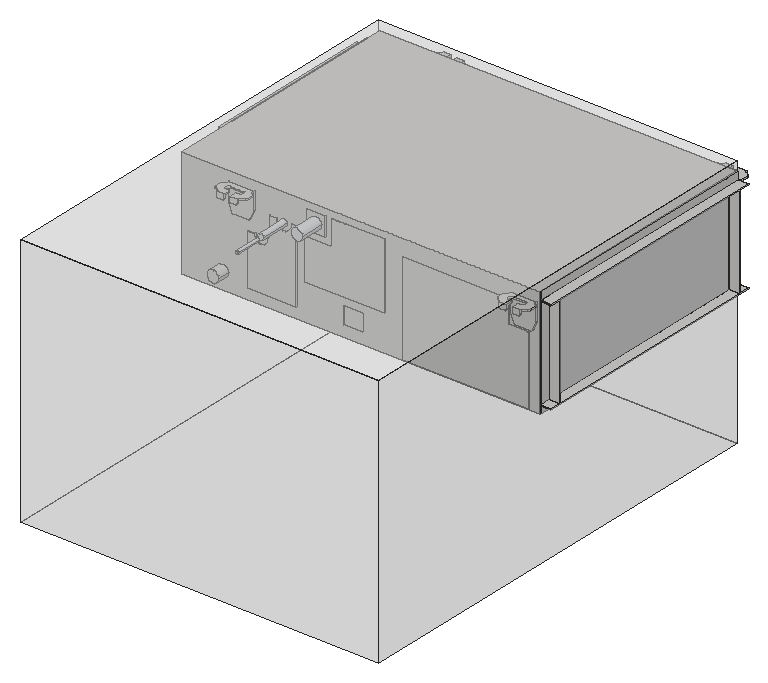
Revit family "outputfile", category 機械設備, Revit 2024
Family settings
  丸型コネクタ寸法 = 半径を使用
  パーツ タイプ = 標準
  OmniClass 番号 = 23.75.10.24.21.27.27
  OmniClass タイトル = Split System Air Conditioning Units
  作業面ベース = いいえ
  常に垂直 = はい
  ロード時にボイドで切り取り = いいえ
  注釈の向きを維持 = いいえ
  共有 = いいえ
  部屋計算ポイント = はい
Parameters (values of type "FXSQ25PAVE")
  Description = ""
  製造元 = "Daikin"
  書き出し IFC クラス(タイプ) = "IfcUnitaryEquipmentType"
  定義済み IFC タイプ(タイプ) = "AIRCONDITIONINGUNIT"
  Cost = 0
  モデル = "FXSQ25PAVE"
  Type Comments = ""
  Keynote = ""
  Type Image = (empty or 0)
  Assembly Code = ""
  r_Liquid Pipe Size = Liquid Pipe Size / 2  # 3.2 mm
  r_Gas Pipe Size = Gas Pipe Size / 2  # 6.35 mm
  r_Drain Pipe Size = Drain Pipe Size / 2  # 12.5 mm
  lw_power = 770.0 mm  # constant formula
  lh_SA = 138.0 mm  # constant formula
  lw_SA = if(Depth = 550.0 mm, 225.0 mm, if(Depth = 700.0 mm, 300.0 mm, if(Depth = 1000.0 mm, 450.0 mm, if(Depth = 1400.0 mm, 650.0 mm, 725.0 mm))))  # 225.0 mm
  lw_RA = if(Depth = 550.0 mm, 275.0 mm, if(Depth = 700.0 mm, 349.0 mm, if(Depth = 1000.0 mm, 499.0 mm, if(Depth = 1400.0 mm, 699.0 mm, 775.0 mm))))  # 275.0 mm
  lh_power = 60.0 mm + [h***]  # 60.0 mm
  lh_mountinghole1 = lh_mountinghole + [h***]  # 222.0 mm
  lh_RA = 123.0 mm  # constant formula
  ld_power = Depth / 2  # 275.0 mm
  Voltage_comment_60Hz = "220"
  Voltage_comment_50Hz = "220-240"
  Voltage_60Hz = 220 V
  Voltage_50Hz = 220 V
  URL = ""
  Supply Air Direction [instance] = yes
  Sound Power Level_H speed (dB) = 61
  Phase_60Hz = 1
  Phase_50Hz = 1
  Minimum External Static Pressure = 30.00 Pa
  Minimum Circuit Amps_60Hz = 0.8 A
  Minimum Circuit Amps_50Hz = 0.8 A
  Maximum Fuse Amps_60Hz = 16.0 A
  Maximum Fuse Amps_50Hz = 16.0 A
  Maximum External Static Pressure = 150.00 Pa
  Material_Casing = DAIKIN_GalvanizedSteel_Casing_indoorunit
  lw_mountinghole = 630.0 mm  # constant formula
  lh_gaspipe = 183.0 mm + [h***]  # 183.0 mm
  lh_mountinghole = 222.0 mm  # constant formula
  lh_liquidpipe = 136.0 mm + [h***]  # 136.0 mm
  lh_drainpipe = 207.0 mm + [h***]  # 207.0 mm
  lh_antena = Height - lh_mountinghole + 1.0 mm  # 24.0 mm
  ld_drainpipe = Depth / 2 + 53.0 mm  # 328.0 mm
  ld_liquidpipe = Depth / 2 + 69.0 mm  # 344.0 mm
  ld_gaspipe = Depth / 2 + 65.0 mm  # 340.0 mm
  ld_mountinghole = Depth + 38.0 mm  # 588.0 mm
  h*** = 0.0 mm  # constant formula
  lw_liquidpipe = 179.0 mm  # constant formula
  lw_gaspipe = 229.0 mm  # constant formula
  lw_drainpipe = 300.0 mm  # constant formula
  Width = 800.0 mm
  Version = "ver.1.0"
  Unit Type = "Middle Static Pressure Duct Type"
  Unit Mass Weight = 25.00 kg
  Unit Designation [instance] = ""
  Uniclass2015Version = "Products v1.30"
  Uniclass2015Title = "Variable refrigerant flow units"
  Uniclass2015Code = "Pr_70_65_03_94"
  Total Heating Capacity [instance] = 0.000 kW
  Total Cooling Capacity [instance] = 0.000 kW
  Sound Pressure Level_M speed (dBA) = 0
  Sound Pressure Level_L speed (dBA) = 28
  Sound Pressure Level_H speed (dBA) = 33
  Series = "VRV Fan Coil Unit"
  Sensible Cooling Capacity [instance] = 0.000 kW
  SA Duct Size Width = if(Depth = 550.0 mm, 337.0 mm, if(Depth = 700.0 mm, 492.0 mm, if(Depth = 1000.0 mm, 792.0 mm, if(Depth = 1400.0 mm, 1192.0 mm, 1337.0 mm))))  # 337.0 mm
  SA Duct Size Height = 176.0 mm
  Refrigerant Type = "R410A"
  RA Duct Size Width = if(Depth = 550.0 mm, 502.0 mm, if(Depth = 700.0 mm, 654.0 mm, if(Depth = 1000.0 mm, 952.0 mm, if(Depth = 1400.0 mm, 1352.0 mm, 1502.0 mm))))  # 502.0 mm
  RA Duct Size Height = 208.0 mm
  Power Input (Heating) = 0.099 kW
  Power Input (Cooling) = 0.104 kW
  Option Accessory 3 [instance] = ""
  Option Accessory 2 [instance] = ""
  Option Accessory 1 [instance] = ""
  Nominal Heating Capacity = 3.200 kW
  Nominal Cooling Capacity = 2.800 kW
  Minimum Airflow = 390.00 m³/h
  Median Airflow = 450.00 m³/h
  Maximum Airflow = 540.00 m³/h
  Load Classification = HVAC
  Liquid Pipe Size = 6.4 mm
  Link_Nested Family [instance] = ""
  IfcVersion = "0"
  IfcExportType = "AIRCONDITIONINGUNIT"
  IfcExportAs = "IfcUnitaryEquipmentType"
  Height = 245.0 mm
  Heating Entering Wet Bulb Temperature [instance] = 0.00 °C
  Heating Entering Dry Bulb Temperature [instance] = 0.00 °C
  Heating Ambient Wet Bulb Temperature [instance] = 0.00 °C
  Heating Ambient Dry Bulb Temperature [instance] = 0.00 °C
  Heat Exchanger Type = "Cross Fin Coil"
  Gas Pipe Size = 12.7 mm
  Frequency_60Hz = 60 Hz
  Frequency_50Hz = 50 Hz
  Fan Type = "Sirocco Fan"
  Fan Drive = "Direct Drive"
  FCU Tag No. [instance] = ""
  Drain Pipe Size = 25.0 mm
  Design Supply Airflow [instance] = 0.00 m³/h
  Design Return Airflow [instance] = 0.00 m³/h
  Design External Static Pressure [instance] = 0.00 Pa
  Depth = 550.0 mm
  既定の高さ = 0.0 mm
  Cooling Entering Wet Bulb Temperature [instance] = 0.00 °C
  Cooling Entering Dry Bulb Temperature [instance] = 0.00 °C
  Cooling Ambient Wet Bulb Temperature [instance] = 0.00 °C
  Cooling Ambient Dry Bulb Temperature [instance] = 0.00 °C
  Clearance visibility [instance] = yes
  Clearance Top = 20.0 mm
  Clearance Right = 0.0 mm
  Clearance Rear = 0.0 mm
  Clearance Left = 0.0 mm
  Clearance Front = 450.0 mm
  Clearance Bottom = 300.0 mm
Reference planes
  plane 1 "Center (Front/Back)": y = 0
  plane 2 "h": z = 0
  plane 3 "Center (Left/Right)": x = 0
  plane 4 "Back": y = 275
  plane 5 "Front": y = -275
  plane 6 "Left": x = -400
  plane 7 "Reight": x = 400
  plane 8 "Top": z = 0
  plane 9 "Bottom": z = -245
  plane 10: y = -215
  plane 11: y = 275
  plane 12: y = -725
  plane 13: x = -400
  plane 14: x = 400
  plane 15: z = 20
  plane 16: z = -545
  plane 17: x = -400
  plane 18: x = -399
  plane 19: x = 399
  plane 20: y = 50
  plane 21: y = 0
  plane 22: z = -122
  plane 23: y = -276
  plane 24: z = -109
  plane 25: x = -221
  plane 26: y = -340
  plane 27: z = -62
  plane 28: x = -171
  plane 29: y = -328
  plane 30: z = -38
  plane 31: x = -100
  plane 32: x = -100
  plane 33: x = -221
  plane 34: x = -171
  plane 35: x = 370
  plane 36: x = -266
  plane 37: x = 364
  plane 38: y = -294
  plane 39: y = 294
  plane 40: z = -23
  plane 41: z = -107
  plane 42: y = -344
  plane 43: z = -207
  plane 44: x = -309
  plane 45: y = -301
  plane 46: x = -251
  plane 47: x = -203
  plane 48: x = -144
  plane 49: z = -59
  plane 50: z = -106
  plane 51: z = -221
  plane 52: z = -109
  plane 53: x = -221
  plane 54: z = -62
  plane 55: x = -171
  plane 56: z = -17
  plane 57: z = -59
  plane 58: x = -121
  plane 59: x = -79
  plane 60: x = -125
  plane 61: x = -64
  plane 62: x = 53
  plane 63: z = -164
  plane 64: z = -73
  plane 65: z = -16
  plane 66: x = 93.5
  plane 67: x = 374.5
  plane 68: x = 330
  plane 69: z = -88.5
  plane 70: z = -38
  plane 71: z = -242.5
  plane 72: x = -38.5
  plane 73: x = 6.5
  plane 74: z = -181
  plane 75: z = -221
  plane 76: y = -274
  plane 77: x = -424
  plane 78: x = 424
Forms (mm)
  Extrusion 1, solid, material "DAIKIN_GalvanizedSteel_Casing_indoorunit" <- "Material_Casing"
    sketch origin (0, 0, 0) x (1, 0, 0) y (0, 1, 0)
      loop
        line (-399, 275) -> (-399, -275) -> (399, -275) -> (399, 275) -> (-399, 275)
    from -245 to 0
  Extrusion 2, solid, material "DAIKIN_GalvanizedSteel_Casing_indoorunit" <- "Material_Casing"
    sketch origin (0, 0, 0) x (1, 0, 0) y (0, 0, 1)
      loop
        line (-251, -221) -> (-144, -221) -> (-144, -59) -> (-154.47, -59)
        arc (-154.47, -59) -> (-171, -78.8) -> (-187.53, -59) r 16.8
        line (-187.53, -59) -> (-203, -59) -> (-203, -106) -> (-206.916, -106)
        arc (-206.916, -106) -> (-221, -123.4) -> (-235.084, -106) r 14.4
        line (-235.084, -106) -> (-251, -106) -> (-251, -221)
    from 275 to 276
  Extrusion 3, solid, material "DAIKIN_GalvanizedSteel_Casing_indoorunit" <- "Material_Casing"
    sketch origin (0, 0, 0) x (1, 0, 0) y (0, 0, 1)
      loop
        line (-121, -17) -> (-121, -59) -> (-79, -59) -> (-79, -17) -> (-121, -17)
      loop
        line (-125, -73) -> (-125, -164) -> (53, -164) -> (53, -16) -> (-64, -16) -> (-64, -73) -> (-125, -73)
    from 275 to 276
  Extrusion 4, solid, material "DAIKIN_GalvanizedSteel_Casing_indoorunit" <- "Material_Casing"
    sketch origin (0, 0, 0) x (1, 0, 0) y (0, 0, 1)
      loop
        line (93.5, -38) -> (93.5, -242.5) -> (374.5, -242.5) -> (374.5, -88.5) -> (330, -88.5) -> (330, -38) -> (93.5, -38)
    from 275 to 276
  Extrusion 5, solid
    sketch origin (0, 0, 0) x (1, 0, 0) y (0, 0, 1)
      loop
        circle (-221, -109) r 3.2
    from 275 to 344
  Extrusion 6, solid
    sketch origin (0, 0, 0) x (1, 0, 0) y (0, 0, 1)
      loop
        circle (-171, -62) r 6.35
    from 275 to 340
  Extrusion 7, solid
    sketch origin (0, 0, 0) x (1, 0, 0) y (0, 0, 1)
      loop
        circle (-100, -38) r 12.5
    from 276 to 328
  Extrusion 8, solid, material "DAIKIN_GalvanizedSteel_Casing_indoorunit" <- "Material_Casing"
    sketch origin (0, 0, 0) x (1, 0, 0) y (0, 0, 1)
      loop
        circle (-309, -207) r 13
    from 275 to 301
  Extrusion 9, void
    sketch origin (0, 0, 0) x (1, 0, 0) y (0, 0, 1)
      loop
        line (-38.5, -181) -> (-38.5, -221) -> (6.5, -221) -> (6.5, -181) -> (-38.5, -181)
    from 274 to 275
Cuts and joins
  Extrusion 9 cuts Extrusion 1
Dimensions and locks
  "Height": plane 8 "Top" to plane 9 "Bottom"
  equal spacing: plane 4 "Back", plane 1 "Center (Front/Back)", plane 5 "Front"
  "Depth": plane 4 "Back" to plane 5 "Front"
  equal spacing: plane 6 "Left", plane 3 "Center (Left/Right)", plane 7 "Reight"
  "Width": plane 6 "Left" to plane 7 "Reight"
  "Clearance Left": plane 13 to plane 6 "Left"
  "Clearance Right": plane 7 "Reight" to plane 14
  "Clearance Rear": plane 11 to plane 4 "Back"
  "Clearance Front": plane 5 "Front" to plane 12
  "Clearance Top": plane 15 to plane 8 "Top"
  "Clearance Bottom": plane 9 "Bottom" to plane 16
  locked: plane 17 to plane 18 at 1
  locked: plane 19 to plane 14 at 1
  "lw_SA": plane 11 to plane 20
  "lw_RA": plane 21 to plane 5 "Front"
  "lh_RA": plane 22 to plane 9 "Bottom"
  locked: plane 5 "Front" to plane 23 at 1
  "lw_liquidpipe": plane 25 to plane 6 "Left"
  "lh_liquidpipe": plane 24 to plane 9 "Bottom"
  "lh_gaspipe": plane 27 to plane 9 "Bottom"
  "lw_gaspipe": plane 28 to plane 6 "Left"
  "ld_gaspipe": plane 26 to plane 1 "Center (Front/Back)"
  "ld_drainpipe": plane 29 to plane 1 "Center (Front/Back)"
  "lh_drainpipe": plane 30 to plane 9 "Bottom"
  "lw_drainpipe": plane 31 to plane 6 "Left"
  "lw_drainpipe": plane 6 "Left" to plane 32
  "lw_liquidpipe": plane 6 "Left" to plane 33
  "lw_gaspipe": plane 6 "Left" to plane 34
  "lw_power": plane 6 "Left" to plane 35
  locked: plane 17 to plane 36 at 134
  "lw_mountinghole": plane 36 to plane 37
  equal spacing: plane 38, plane 1 "Center (Front/Back)", plane 39
  "ld_mountinghole": plane 39 to plane 38
  "lh_mountinghole": plane 40 to plane 9 "Bottom"
  "lh_SA": plane 41 to plane 9 "Bottom"
  "ld_liquidpipe": plane 21 to plane 42
  locked: plane 44 to plane 6 "Left" at 91
  locked: plane 43 to plane 9 "Bottom" at 38
  locked: plane 5 "Front" to plane 45 at 26
  plane 48 to plane 47 to plane 46 to plane 6 "Left" = 59.0 mm, 48.0 mm, 149.0 mm
  plane 8 "Top" to plane 49 to plane 50 to plane 51 = 59.0 mm locked, 47.0 mm locked, 115.0 mm locked
  plane 55 to plane 53 to plane 6 "Left" = 50.0 mm locked, 179.0 mm locked
  plane 54 to plane 52 to plane 9 "Bottom" = 47.0 mm locked, 136.0 mm locked
  plane 59 to plane 58 to plane 6 "Left" = 42.0 mm locked, 279.0 mm locked
  plane 8 "Top" to plane 56 to plane 57 = 17.0 mm locked, 42.0 mm locked
  plane 62 to plane 61 to plane 60 to plane 6 "Left" = 117.0 mm, 61.0 mm, 275.0 mm
  plane 8 "Top" to plane 65 to plane 64 = 16.0 mm locked, 57.0 mm locked
  locked: plane 65 to plane 63 at 148
  plane 8 "Top" to plane 70 to plane 69 to plane 71 = 38.0 mm locked, 50.5 mm locked, 154.0 mm locked
  plane 67 to plane 68 to plane 66 to plane 6 "Left" = 44.5 mm locked, 236.5 mm locked, 493.5 mm locked
  plane 8 "Top" to plane 74 to plane 75 = 181.0 mm locked, 40.0 mm locked
  plane 73 to plane 72 to plane 6 "Left" = 45.0 mm, 361.5 mm
  locked: plane 76 to plane 5 "Front" at 1
  locked: plane 77 to plane 17 at 24
  locked: plane 14 to plane 78 at 24
  "r_Liquid Pipe Size": radius of Extrusion 5 sketch curve
  "r_Gas Pipe Size": radius of Extrusion 6 sketch curve
  "r_Drain Pipe Size": radius of Extrusion 7 sketch curve
  aligned and locked: level to plane 2 "h"
  aligned and locked: plane 8 "Top" to Extrusion 1
  aligned and locked: Extrusion 1 to plane 9 "Bottom"
  aligned and locked: nested 5 to plane 12
  aligned and locked: plane 13 to nested 5
  aligned and locked: plane 14 to nested 5
  aligned and locked: nested 5 to plane 13
  aligned and locked: plane 11 to nested 5
  aligned and locked: plane 15 to nested 5
  aligned and locked: plane 16 to nested 5
  aligned and locked: plane 5 "Front" to Extrusion 1 sketch curve
  aligned and locked: Extrusion 1 to plane 18
  aligned and locked: plane 19 to Extrusion 1
  aligned and locked: nested 7 to plane 18
  aligned and locked: nested 7 to plane 20
  aligned and locked: plane 19 to nested 8
  aligned and locked: plane 21 to nested 8
  aligned and locked: plane 22 to nested 8
  aligned and locked: Extrusion 2 to plane 23
  aligned and locked: plane 5 "Front" to Extrusion 2
  aligned and locked: Extrusion 3 to plane 23
  aligned and locked: plane 5 "Front" to Extrusion 3
  aligned and locked: plane 5 "Front" to Extrusion 4
  aligned and locked: Extrusion 5 sketch curve to plane 25
  aligned and locked: plane 24 to Extrusion 5 sketch curve
  aligned and locked: plane 5 "Front" to Extrusion 5
  aligned and locked: Extrusion 6 sketch curve to plane 28
  aligned and locked: plane 27 to Extrusion 6 sketch curve
  aligned and locked: plane 5 "Front" to Extrusion 6
  aligned and locked: Extrusion 7 sketch curve to plane 31
  aligned and locked: Extrusion 7 sketch curve to plane 30
  aligned and locked: Extrusion 7 to plane 29
  aligned and locked: plane 23 to Extrusion 7
  aligned and locked: nested 3 to plane 29
  aligned and locked: plane 32 to nested 3
  aligned and locked: nested 2 to plane 33
  aligned and locked: nested 1 to plane 34
  aligned and locked: Extrusion 6 to plane 26
  aligned and locked: nested 1 to plane 26
  aligned and locked: nested 6 to plane 5 "Front"
  aligned and locked: plane 35 to nested 6
  aligned and locked: plane 36 to nested 10
  aligned and locked: nested 10 to plane 5 "Front"
  aligned and locked: plane 37 to nested 9
  aligned and locked: nested 9 to plane 5 "Front"
  aligned and locked: nested 11 to plane 36
  aligned and locked: plane 4 "Back" to nested 11
  aligned and locked: nested 12 to plane 37
  aligned and locked: plane 4 "Back" to nested 12
  aligned and locked: plane 40 to nested 10
  aligned and locked: plane 40 to nested 11
  aligned and locked: plane 40 to nested 9
  aligned and locked: plane 40 to nested 12
  aligned and locked: plane 36 to nested 14
  aligned and locked: nested 14 to plane 39
  aligned and locked: plane 37 to nested 13
  aligned and locked: nested 13 to plane 39
  aligned and locked: plane 37 to nested 16
  aligned and locked: plane 38 to nested 16
  aligned and locked: plane 38 to nested 15
  aligned and locked: plane 36 to nested 15
  aligned and locked: plane 17 to plane 6 "Left"
  aligned and locked: plane 41 to nested 7
  aligned and locked: Extrusion 5 to plane 42
  aligned and locked: nested 2 to plane 42
  aligned and locked: Extrusion 8 sketch curve to plane 44
  aligned and locked: plane 43 to Extrusion 8 sketch curve
  aligned and locked: plane 5 "Front" to Extrusion 8
  aligned and locked: plane 45 to Extrusion 8
  aligned and locked: Extrusion 3 sketch curve to plane 56
  aligned and locked: Extrusion 3 sketch curve to plane 58
  aligned and locked: plane 57 to Extrusion 3 sketch curve
  aligned and locked: plane 59 to Extrusion 3 sketch curve
  aligned and locked: Extrusion 4 to plane 23
  aligned and locked: Extrusion 9 sketch curve to plane 74
  aligned and locked: plane 75 to Extrusion 9 sketch curve
  aligned and locked: plane 73 to Extrusion 9 sketch curve
  aligned and locked: plane 5 "Front" to Extrusion 9
  aligned and locked: plane 76 to Extrusion 9
  aligned and locked: nested 17 to plane 20
  aligned and locked: nested 17 to plane 77
  aligned and locked: plane 21 to nested 18
  aligned and locked: plane 78 to nested 18
  aligned and locked: plane 41 to nested 17
  aligned and locked: nested 18 to plane 22
  aligned and locked: nested 4 to plane 3 "Center (Left/Right)"
  aligned and locked: plane 1 "Center (Front/Back)" to nested 4
  aligned and locked: level to plane 8 "Top"
Automatic sketch dimensions
  plane 6 "Left" to Extrusion 1 sketch curve = 1.0 mm
  Extrusion 1 sketch curve to plane 7 "Reight" = 1.0 mm
  Extrusion 1 sketch curve to plane 4 "Back" = 0.0 mm
  Extrusion 2 sketch curve to plane 46 = 0.0 mm
  Extrusion 2 sketch curve to plane 33 = 0.0 mm
  Extrusion 2 sketch curve to plane 47 = 0.0 mm
  Extrusion 2 sketch curve to plane 34 = 0.0 mm
  Extrusion 2 sketch curve to plane 48 = 0.0 mm
  Extrusion 2 sketch curve to plane 51 = 0.0 mm
  Extrusion 2 sketch curve to plane 52 = 0.0 mm
  Extrusion 2 sketch curve to plane 50 = 0.0 mm  (x3)
  Extrusion 2 sketch curve to plane 54 = 0.0 mm
  Extrusion 2 sketch curve to plane 49 = 0.0 mm  (x3)
  plane 33 to Extrusion 2 sketch curve = 14.084 mm
  plane 34 to Extrusion 2 sketch curve = 16.53 mm
  Extrusion 3 sketch curve to plane 60 = 0.0 mm
  Extrusion 3 sketch curve to plane 61 = 0.0 mm
  Extrusion 3 sketch curve to plane 62 = 0.0 mm
  Extrusion 3 sketch curve to plane 63 = 0.0 mm
  Extrusion 3 sketch curve to plane 64 = 0.0 mm
  Extrusion 3 sketch curve to plane 65 = 0.0 mm
  Extrusion 4 sketch curve to plane 66 = 0.0 mm
  Extrusion 4 sketch curve to plane 68 = 0.0 mm
  Extrusion 4 sketch curve to plane 67 = 0.0 mm
  Extrusion 4 sketch curve to plane 71 = 0.0 mm
  Extrusion 4 sketch curve to plane 69 = 0.0 mm
  Extrusion 4 sketch curve to plane 70 = 0.0 mm
  Extrusion 9 sketch curve to plane 72 = 0.0 mm
  radius of Extrusion 8 sketch curve = 13.0 mm
Nested families
  nested 1: "daikin_connector_rotate2" at (-171, 0, -62), length <- "ld_gaspipe", built-in parameter 1001364 <- "lh_gaspipe", radius <- "r_Gas Pipe Size", type "daikin_connector_rotate2"
    with radius 6.35 mm, length 340.0 mm, angle_vertical 90.00°
  nested 2: "daikin_connector_rotate2" at (-221, 0, -109), length <- "ld_liquidpipe", built-in parameter 1001364 <- "lh_liquidpipe", radius <- "r_Liquid Pipe Size", type "daikin_connector_rotate2"
    with radius 3.2 mm, length 344.0 mm, angle_vertical 90.00°
  nested 3: "daikin_connector_rotate2" at (-100, 0, -38), length <- "ld_drainpipe", built-in parameter 1001364 <- "lh_drainpipe", radius <- "r_Drain Pipe Size", type "daikin_connector_rotate2"
    with radius 12.5 mm, length 328.0 mm, angle_vertical 90.00°
  nested 4: "daikin_△_symbolicline" at (0, 0, 245) x (0, -1, 0) z (0, 0, 1), built-in parameter 1001364 <- "Height", visible <- "Supply Air Direction", type "daikin_△_symbolicline"
    with length 200.0 mm
  nested 5: "daikin_clearancespace" at (0, -225, -262.381), visible <- "Clearance visibility", show <- "Clearance visibility", Link_Nested Family <- "Link_Nested Family", type "daikin_clearancespace"
    with width 800.0 mm, show yes, height 565.0 mm, depth 1000.0 mm, Link_Nested Family ""
  nested 6: "daikin_connector_rotate2" at (370, 0, -185), built-in parameter 1001364 <- "lh_power", length <- "ld_power", type "daikin_connector_rotate2"
    with radius 10.0 mm, length 275.0 mm, angle_vertical 90.00°
  nested 7: "daikin_ductflange_FXSQ-PAVE2" at (-399, 50, -107) x (0, -1, 0) z (0, 0, 1), type "daikin_ductflange_FXSQ-PAVE2"
  nested 8: "daikin_ductflange_FXSQ-PAVE" at (399, 0, -122) x (0, 1, 0) z (0, 0, 1), type "daikin_ductflange_FXSQ-PAVE"
  nested 9: "daikin_hangerfixture_FXSQ-PAVE" at (364, -275, -23), type "daikin_hangerfixture_FXSQ-PAVE"
  nested 10: "daikin_hangerfixture_FXSQ-PAVE" at (-266, -275, -23), type "daikin_hangerfixture_FXSQ-PAVE"
  nested 11: "daikin_hangerfixture_FXSQ-PAVE" at (-266, 275, -23) x (-1, 0, 0) z (0, 0, 1), type "daikin_hangerfixture_FXSQ-PAVE"
  nested 12: "daikin_hangerfixture_FXSQ-PAVE" at (364, 275, -23) x (-1, 0, 0) z (0, 0, 1), type "daikin_hangerfixture_FXSQ-PAVE"
  nested 13: "daikin_mountinghole" at (364, 294, -245), h_mountinghole <- "lh_mountinghole1", l_antenna <- "lh_antena", Link_Nested Family <- "Link_Nested Family", type "daikin_mountinghole"
    with show yes, l_antenna 24.0 mm, h_mountinghole 222.0 mm, Link_Nested Family ""
  nested 14: "daikin_mountinghole" at (-266, 294, -245), h_mountinghole <- "lh_mountinghole1", l_antenna <- "lh_antena", Link_Nested Family <- "Link_Nested Family", type "daikin_mountinghole"
    with show yes, l_antenna 24.0 mm, h_mountinghole 222.0 mm, Link_Nested Family ""
  nested 15: "daikin_mountinghole" at (-266, -294, -245), h_mountinghole <- "lh_mountinghole1", l_antenna <- "lh_antena", Link_Nested Family <- "Link_Nested Family", type "daikin_mountinghole"
    with show yes, l_antenna 24.0 mm, h_mountinghole 222.0 mm, Link_Nested Family ""
  nested 16: "daikin_mountinghole" at (364, -294, -245), h_mountinghole <- "lh_mountinghole1", l_antenna <- "lh_antena", Link_Nested Family <- "Link_Nested Family", type "daikin_mountinghole"
    with show yes, l_antenna 24.0 mm, h_mountinghole 222.0 mm, Link_Nested Family ""
  nested 17: "daikin_connector_rotate2" at (-400, 50, -107) x (0, -1, 0) z (0, 0, 1), type "daikin_connector_rotate2"
    with radius 10.0 mm, length 24.0 mm, angle_vertical 90.00°
  nested 18: "daikin_connector_rotate2" at (400, 0, -122) x (0, 1, 0) z (0, 0, 1), type "daikin_connector_rotate2"
    with radius 10.0 mm, length 24.0 mm, angle_vertical 90.00°
Connectors
  piping at (-100, -328, -38), diameter 25, driven by "r_Drain Pipe Size"
    settings: on nested 3, index 3, connector inside diameter 609.6 mm, connector length 0.0 mm, flow factor 0, pipe flow 0.00 m³/h, pressure drop 0.0 Pa, fitting loss kfactor 0, connector angle 0.00°, fixture units 0, engagement length 0.0 mm, angle of deflection 0.00°, flow configuration 1, flow direction 2, fitting loss method 4, system type 16, joint type 0, gender type 0, connector reference index -1, connector utility 0, adjustable connector no, is connector primary yes, connector description "Condensate Drain Piping"
  piping at (-171, -340, -62), diameter 12.7, driven by "r_Gas Pipe Size"
    settings: on nested 1, index 4, connector inside diameter 609.6 mm, connector length 0.0 mm, flow factor 0, pipe flow 0.00 m³/h, pressure drop 0.0 Pa, fitting loss kfactor 0, connector angle 0.00°, fixture units 0, engagement length 0.0 mm, angle of deflection 0.00°, flow configuration 1, flow direction 2, fitting loss method 0, system type 29, joint type 0, gender type 0, connector reference index -1, connector utility 0, adjustable connector no, is connector primary no, connector description "Refrigerant Gas Piping"
  piping at (-221, -344, -109), diameter 6.4, driven by "r_Liquid Pipe Size"
    settings: on nested 2, index 5, connector inside diameter 609.6 mm, connector length 0.0 mm, flow factor 0, pipe flow 0.00 m³/h, pressure drop 0.0 Pa, fitting loss kfactor 0, connector angle 0.00°, fixture units 0, engagement length 0.0 mm, angle of deflection 0.00°, flow configuration 1, flow direction 1, fitting loss method 0, system type 29, joint type 0, gender type 0, connector reference index -1, connector utility 0, adjustable connector no, is connector primary no, connector description "Refrigerant Liquid Piping"
  electrical at (370, -275, -185), driven by "Load Classification"
    settings: on nested 6, index 6, voltage 0 V, apparent load 0 VA, apparent load phase1 0 VA, apparent load phase2 0 VA, apparent load phase3 0 VA, power factor 1, load classification "HVAC", number of poles 1, system type 30, power factor state 1, is connector primary yes, connector utility no, sub classification motor no, connector description "Power Supply"
  hvac at (-424, 50, -107), driven by "SA Duct Size Height", driven by "SA Duct Size Width"
    settings: on nested 17, index 7, duct flow 0.00 m³/h, flow factor 0, pres drop 0.00 Pa, loss coef 0, conn angle 0.00°, conn width 337.0 mm, conn height 176.0 mm, conn diameter 609.6 mm, duct sys type 1, conn prof type 1, flow config 0, flow direction 2, loss method 4, conn ref index -1, conn util no, is conn primary yes, conn desc "SA Duct"
  hvac at (424, 0, -122), driven by "RA Duct Size Height", driven by "RA Duct Size Width"
    settings: on nested 18, index 8, duct flow 0.00 m³/h, flow factor 0, pres drop 0.00 Pa, loss coef 0, conn angle 0.00°, conn width 502.0 mm, conn height 208.0 mm, conn diameter 609.6 mm, duct sys type 2, conn prof type 1, flow config 0, flow direction 1, loss method 4, conn ref index -1, conn util no, is conn primary no, conn desc "RA Duct"
Definition of nested family "daikin_clearancespace"
  Parameters (values of type "daikin_clearancespace")
    width [instance] = 1823.963 mm
    show [instance] = yes
    material = none
    height [instance] = 1359.762 mm
    depth [instance] = 880.0 mm
    Default Elevation = 0.0 mm
    Link_Nested Family [instance] = ""
  Reference planes
    plane 1 "Center (Front/Back)": y = 0
    plane 2 "Center (Elevation)": z = -0.119
    plane 3 "Center (Left/Right)": x = 0
    plane 4: y = 440
    plane 5: y = -440
    plane 6 "Right": x = 911.982
    plane 7 "Left": x = -911.982
    plane 8 "Top": z = 679.762
    plane 9 "Bottom": z = -680
  Forms (mm)
    Extrusion 1, solid, material <- "material", visible <- "show"
      sketch origin (0, 0, 0) x (1, 0, 0) y (0, 1, 0)
        loop
          line (-911.982, 440) -> (-911.982, -440) -> (911.982, -440) -> (911.982, 440) -> (-911.982, 440)
      from -680 to 679.762
  Lines and regions (mm)
    symbolic lines, visible <- "show"
      curve 1: line (911.982, 440, 0) -> (-911.982, 440, 0)
      curve 2: line (-911.982, 440, 0) -> (-911.982, -440, 0)
      curve 3: line (-911.982, -440, 0) -> (911.982, -440, 0)
      curve 4: line (911.982, -440, 0) -> (911.982, 440, 0)
      curve 5: line (911.982, 0, 679.762) -> (-911.982, 0, 679.762)
      curve 6: line (911.982, 0, -680) -> (911.982, 0, 679.762)
      curve 7: line (-911.982, 0, -680) -> (911.982, 0, -680)
      curve 8: line (-911.982, 0, 679.762) -> (-911.982, 0, -680)
      curve 9: line (0, 440, 679.762) -> (0, -440, 679.762)
      curve 10: line (0, -440, 679.762) -> (0, -440, -680)
      curve 11: line (0, 440, -680) -> (0, 440, 679.762)
      curve 12: line (0, -440, -680) -> (0, 440, -680)
  Dimensions and locks
    "width": plane 7 "Left" to plane 6 "Right"
    "depth": plane 4 to plane 5
    "height": plane 8 "Top" to plane 9 "Bottom"
    equal spacing: plane 7 "Left", plane 3 "Center (Left/Right)", plane 6 "Right"
    equal spacing: plane 4, plane 1 "Center (Front/Back)", plane 5
    equal spacing: plane 8 "Top", plane 2 "Center (Elevation)", plane 9 "Bottom"
    aligned and locked: level to plane 2 "Center (Elevation)"
    aligned and locked: Extrusion 1 sketch curve to plane 4
    aligned and locked: plane 7 "Left" to Extrusion 1 sketch curve
    aligned and locked: Extrusion 1 sketch curve to plane 5
    aligned and locked: Extrusion 1 sketch curve to plane 6 "Right"
    aligned and locked: plane 8 "Top" to Extrusion 1
    aligned and locked: curve 1 to Extrusion 1
    aligned and locked: curve 2 to Extrusion 1
    aligned and locked: curve 3 to Extrusion 1
    aligned and locked: curve 4 to Extrusion 1
    aligned and locked: curve 5 to Extrusion 1
    aligned and locked: curve 6 to Extrusion 1
    aligned and locked: curve 7 to Extrusion 1
    aligned and locked: curve 8 to Extrusion 1
    aligned and locked: curve 9 to Extrusion 1
    aligned and locked: curve 10 to Extrusion 1
    aligned and locked: curve 11 to Extrusion 1
    aligned and locked: curve 12 to Extrusion 1
    aligned and locked: Extrusion 1 to plane 9 "Bottom"
Definition of nested family "daikin_ductflange_FXSQ-PAVE2"
  Parameters (values of type "daikin_ductflange_FXMQ-PAVE2")
    width = if(w = 550.0 mm, 337.0 mm, if(w = 700.0 mm, 492.0 mm, if(w = 1000.0 mm, 792.0 mm, if(w = 1400.0 mm, 1192.0 mm, 1337.0 mm))))  # 337.0 mm
    material = none
    height = 215.0 mm
    depth = 1.0 mm
    w = 550.0 mm
    Default Elevation = 0.0 mm
  Reference planes
    plane 1 "Center (Front/Back)": y = 0
    plane 2: z = 0
    plane 3 "Center (Left/Right)": x = 0
    plane 4: z = 88
    plane 5: z = -88
    plane 6: y = -25
    plane 7: z = 106
    plane 8: z = 89
    plane 9: y = -1
    plane 10: x = -192.5
    plane 11: x = 192.5
    plane 12: z = -106
    plane 13: z = -89
    plane 14: y = -1
    plane 15: x = 168.5
    plane 16: x = -168.5
    plane 17: x = 169.5
    plane 18: z = 87
    plane 19: z = -87
    plane 20: x = -169.5
    plane 21: z = 87
    plane 22: z = -87
    plane 23: y = -1
  Forms (mm)
    Extrusion 1, solid, material <- "material"
      sketch origin (0, 0, 0) x (0, 1, 0) y (0, 0, 1)
        loop
          line (-25, 88) -> (0, 88) -> (0, 106) -> (-1, 106) -> (-1, 89) -> (-25, 89) -> (-25, 88)
      from -192.5 to 192.5
    Extrusion 2, solid, material <- "material"
      sketch origin (0, 0, 0) x (0, 1, 0) y (0, 0, 1)
        loop
          line (-25, -88) -> (-25, -89) -> (-1, -89) -> (-1, -106) -> (0, -106) -> (0, -88) -> (-25, -88)
      from -192.5 to 192.5
    Extrusion 3, solid, material <- "material"
      sketch origin (0, 0, 0) x (1, 0, 0) y (0, 0, 1)
        loop
          line (168.5, 88) -> (168.5, -88) -> (192.5, -88) -> (192.5, -87) -> (169.5, -87) -> (169.5, 87) -> (192.5, 87) -> (192.5, 88) -> (168.5, 88)
      from 0 to 25
    Extrusion 4, solid, material <- "material"
      sketch origin (0, 0, 0) x (1, 0, 0) y (0, 0, 1)
        loop
          line (-192.5, 88) -> (-192.5, 87) -> (-169.5, 87) -> (-169.5, -87) -> (-192.5, -87) -> (-192.5, -88) -> (-168.5, -88) -> (-168.5, 88) -> (-192.5, 88)
      from 0 to 25
    Extrusion 5, solid, material <- "material"
      sketch origin (0, 0, 0) x (1, 0, 0) y (0, 0, 1)
        loop
          line (-192.5, 88) -> (-192.5, -88) -> (-168.5, -88) -> (-168.5, 88) -> (-192.5, 88)
        loop
          line (192.5, 88) -> (168.5, 88) -> (168.5, -88) -> (192.5, -88) -> (192.5, 88)
      from 0 to 1
  Cuts and joins
    joined: Extrusion 1, Extrusion 2, Extrusion 3, Extrusion 4, Extrusion 5
  Dimensions and locks
    plane 4 to level to plane 5 = 88.0 mm, 88.0 mm
    locked: plane 6 to plane 1 "Center (Front/Back)" at 25
    locked: plane 9 to plane 1 "Center (Front/Back)" at 1
    locked: plane 8 to plane 4 at 1
    locked: plane 16 to plane 10 at 24
    locked: plane 17 to plane 15 at 1
    locked: plane 4 to plane 18 at 1
    locked: plane 19 to plane 5 at 1
    "width": plane 15 to plane 16
    plane 4 to plane 5 = 176.0 mm
    locked: plane 16 to plane 20 at 1
    locked: plane 4 to plane 21 at 1
    locked: plane 22 to plane 5 at 1
    locked: plane 23 to plane 1 "Center (Front/Back)" at 1
    plane 4 to level to plane 5 = 88.0 mm locked, 88.0 mm locked
    locked: plane 5 to plane 13 at 1
    locked: plane 5 to plane 12 at 18
    locked: plane 7 to plane 4 at 18
    equal spacing: plane 15, plane 3 "Center (Left/Right)", plane 16
    locked: plane 11 to plane 15 at 24
    plane 11 to plane 10 = 385.0 mm
    aligned and locked: level to plane 2
    aligned and locked: Extrusion 1 to plane 10
    aligned and locked: plane 11 to Extrusion 1
    aligned and locked: plane 5 to Extrusion 2
    aligned and locked: Extrusion 2 to plane 1 "Center (Front/Back)"
    aligned and locked: plane 15 to Extrusion 3 sketch curve
    aligned and locked: Extrusion 3 sketch curve to Extrusion 2  (x2)
    aligned and locked: Extrusion 3 sketch curve to plane 11
    aligned and locked: plane 6 to Extrusion 3
    aligned and locked: Extrusion 2 to plane 10
    aligned and locked: plane 11 to Extrusion 2
    aligned and locked: Extrusion 4 sketch curve to Extrusion 1  (x2)
    aligned and locked: plane 5 to Extrusion 4 sketch curve
    aligned and locked: Extrusion 4 sketch curve to plane 16
    aligned and locked: Extrusion 4 sketch curve to plane 22
    aligned and locked: plane 20 to Extrusion 4 sketch curve
    aligned and locked: plane 21 to Extrusion 4 sketch curve
    aligned and locked: Extrusion 4 to plane 1 "Center (Front/Back)"
    aligned and locked: plane 6 to Extrusion 4
    aligned and locked: Extrusion 5 sketch curve to Extrusion 1  (x4)
    aligned and locked: Extrusion 5 sketch curve to Extrusion 4  (x2)
    aligned and locked: Extrusion 5 sketch curve to Extrusion 3  (x2)
    aligned and locked: Extrusion 5 to plane 1 "Center (Front/Back)"
    aligned and locked: plane 23 to Extrusion 5
  Automatic sketch dimensions
    Extrusion 1 sketch curve to plane 6 = 0.0 mm
    Extrusion 1 sketch curve to plane 7 = 0.0 mm
    Extrusion 1 sketch curve to plane 9 = 0.0 mm
    Extrusion 1 sketch curve to plane 1 "Center (Front/Back)" = 0.0 mm
    Extrusion 1 sketch curve to plane 4 = 0.0 mm
    Extrusion 1 sketch curve to plane 8 = 0.0 mm
    Extrusion 2 sketch curve to plane 6 = 0.0 mm
    plane 12 to Extrusion 2 sketch curve = 0.0 mm
    Extrusion 2 sketch curve to plane 14 = 0.0 mm
    Extrusion 2 sketch curve to plane 1 "Center (Front/Back)" = 0.0 mm
    plane 13 to Extrusion 2 sketch curve = 0.0 mm
    Extrusion 2 sketch curve to plane 5 = 0.0 mm
    Extrusion 3 sketch curve to plane 17 = 0.0 mm
    Extrusion 3 sketch curve to plane 19 = 0.0 mm
    Extrusion 3 sketch curve to plane 18 = 0.0 mm
    Extrusion 3 sketch curve to plane 4 = 0.0 mm
    Extrusion 4 sketch curve to plane 10 = 0.0 mm
Definition of nested family "daikin_ductflange_FXSQ-PAVE"
  Parameters (values of type "daikin_ductflange_FXMQ-PAVE")
    width = if(w = 550.0 mm, 502.0 mm, if(w = 700.0 mm, 654.0 mm, if(w = 1000.0 mm, 952.0 mm, if(w = 1400.0 mm, 1352.0 mm, 1502.0 mm))))  # 502.0 mm
    material = none
    height = 208.0 mm
    depth = 1.0 mm
    w = 550.0 mm
    Default Elevation = 0.0 mm
  Reference planes
    plane 1 "Center (Front/Back)": y = 0
    plane 2: z = 0
    plane 3 "Center (Left/Right)": x = 0
    plane 4: z = 104
    plane 5: z = -104
    plane 6: y = -25
    plane 7: z = 121
    plane 8: z = 105
    plane 9: y = -1
    plane 10: x = -275
    plane 11: x = 275
    plane 12: z = -122
    plane 13: z = -105
    plane 14: y = -1
    plane 15: x = 251
    plane 16: x = -251
    plane 17: x = 252
    plane 18: z = 103
    plane 19: z = -103
    plane 20: x = -252
    plane 21: z = 103
    plane 22: z = -103
    plane 23: y = -1
  Forms (mm)
    Extrusion 1, solid, material <- "material"
      sketch origin (0, 0, 0) x (0, 1, 0) y (0, 0, 1)
        loop
          line (-25, 104) -> (0, 104) -> (0, 121) -> (-1, 121) -> (-1, 105) -> (-25, 105) -> (-25, 104)
      from -275 to 275
    Extrusion 2, solid, material <- "material"
      sketch origin (0, 0, 0) x (0, 1, 0) y (0, 0, 1)
        loop
          line (-25, -104) -> (-25, -105) -> (-1, -105) -> (-1, -122) -> (0, -122) -> (0, -104) -> (-25, -104)
      from -275 to 275
    Extrusion 3, solid, material <- "material"
      sketch origin (0, 0, 0) x (1, 0, 0) y (0, 0, 1)
        loop
          line (251, 104) -> (251, -104) -> (275, -104) -> (275, -103) -> (252, -103) -> (252, 103) -> (275, 103) -> (275, 104) -> (251, 104)
      from 0 to 25
    Extrusion 4, solid, material <- "material"
      sketch origin (0, 0, 0) x (1, 0, 0) y (0, 0, 1)
        loop
          line (-275, 104) -> (-275, 103) -> (-252, 103) -> (-252, -103) -> (-275, -103) -> (-275, -104) -> (-251, -104) -> (-251, 104) -> (-275, 104)
      from 0 to 25
    Extrusion 5, solid, material <- "material"
      sketch origin (0, 0, 0) x (1, 0, 0) y (0, 0, 1)
        loop
          line (-275, 104) -> (-275, -104) -> (-251, -104) -> (-251, 104) -> (-275, 104)
        loop
          line (275, 104) -> (251, 104) -> (251, -104) -> (275, -104) -> (275, 104)
      from 0 to 1
  Cuts and joins
    joined: Extrusion 1, Extrusion 2, Extrusion 3, Extrusion 4, Extrusion 5
  Dimensions and locks
    plane 4 to level to plane 5 = 104.0 mm, 104.0 mm
    locked: plane 6 to plane 1 "Center (Front/Back)" at 25
    locked: plane 9 to plane 1 "Center (Front/Back)" at 1
    locked: plane 8 to plane 4 at 1
    locked: plane 11 to plane 15 at 24
    locked: plane 16 to plane 10 at 24
    locked: plane 17 to plane 15 at 1
    locked: plane 4 to plane 18 at 1
    locked: plane 19 to plane 5 at 1
    "width": plane 15 to plane 16
    equal spacing: plane 15, plane 3 "Center (Left/Right)", plane 16
    locked: plane 16 to plane 20 at 1
    locked: plane 4 to plane 21 at 1
    locked: plane 22 to plane 5 at 1
    locked: plane 23 to plane 1 "Center (Front/Back)" at 1
    locked: plane 7 to plane 4 at 17
    locked: plane 1 "Center (Front/Back)" to plane 14 at 1
    locked: plane 5 to plane 13 at 1
    "height": plane 4 to plane 5
    plane 11 to plane 10 = 550.0 mm
    locked: plane 12 to plane 13 at 17
    equal spacing: plane 4, level, plane 5
    aligned and locked: level to plane 2
    aligned and locked: Extrusion 1 to plane 10
    aligned and locked: plane 11 to Extrusion 1
    aligned and locked: plane 5 to Extrusion 2
    aligned and locked: Extrusion 2 to plane 1 "Center (Front/Back)"
    aligned and locked: plane 15 to Extrusion 3 sketch curve
    aligned and locked: Extrusion 3 sketch curve to Extrusion 2  (x2)
    aligned and locked: Extrusion 3 sketch curve to plane 11
    aligned and locked: plane 6 to Extrusion 3
    aligned and locked: Extrusion 2 to plane 10
    aligned and locked: plane 11 to Extrusion 2
    aligned and locked: Extrusion 4 sketch curve to Extrusion 1  (x2)
    aligned and locked: plane 5 to Extrusion 4 sketch curve
    aligned and locked: Extrusion 4 sketch curve to plane 16
    aligned and locked: Extrusion 4 sketch curve to plane 22
    aligned and locked: plane 20 to Extrusion 4 sketch curve
    aligned and locked: plane 21 to Extrusion 4 sketch curve
    aligned and locked: Extrusion 4 to plane 1 "Center (Front/Back)"
    aligned and locked: plane 6 to Extrusion 4
    aligned and locked: Extrusion 5 sketch curve to Extrusion 1  (x4)
    aligned and locked: Extrusion 5 sketch curve to Extrusion 4  (x2)
    aligned and locked: Extrusion 5 sketch curve to Extrusion 3  (x2)
    aligned and locked: Extrusion 5 to plane 1 "Center (Front/Back)"
    aligned and locked: plane 23 to Extrusion 5
  Automatic sketch dimensions
    Extrusion 1 sketch curve to plane 6 = 0.0 mm
    Extrusion 1 sketch curve to plane 7 = 0.0 mm
    Extrusion 1 sketch curve to plane 9 = 0.0 mm
    Extrusion 1 sketch curve to plane 1 "Center (Front/Back)" = 0.0 mm
    Extrusion 1 sketch curve to plane 4 = 0.0 mm
    Extrusion 1 sketch curve to plane 8 = 0.0 mm
    Extrusion 2 sketch curve to plane 6 = 0.0 mm
    plane 12 to Extrusion 2 sketch curve = 0.0 mm
    Extrusion 2 sketch curve to plane 14 = 0.0 mm
    Extrusion 2 sketch curve to plane 1 "Center (Front/Back)" = 0.0 mm
    plane 13 to Extrusion 2 sketch curve = 0.0 mm
    Extrusion 2 sketch curve to plane 5 = 0.0 mm
    Extrusion 3 sketch curve to plane 17 = 0.0 mm
    Extrusion 3 sketch curve to plane 19 = 0.0 mm
    Extrusion 3 sketch curve to plane 18 = 0.0 mm
    Extrusion 3 sketch curve to plane 4 = 0.0 mm
    Extrusion 4 sketch curve to plane 10 = 0.0 mm
Definition of nested family "daikin_hangerfixture_FXSQ-PAVE"
  Parameters (values of type "daikin_hangerfixture_FXMQ-PAVE")
    width = 72.0 mm
    material = none
    height = 60.0 mm
    depth = 41.0 mm
    Default Elevation = 0.0 mm
  Reference planes
    plane 1 "Center (Front/Back)": y = 0
    plane 2: z = 0
    plane 3 "Center (Left/Right)": x = 0
    plane 4: y = 417.146
    plane 5: y = -41
    plane 6: x = -36
    plane 7: x = 36
    plane 8: z = -2.3
    plane 9: z = -60
    plane 10: y = -2.3
    plane 11: z = -12
    plane 12: y = -38.7
  Forms (mm)
    Extrusion 1, solid, material <- "material"
      sketch origin (0, 0, 0) x (1, 0, 0) y (0, 1, 0)
        loop
          line (-28, 0) -> (-28, -5)
          arc (-28, -5) -> (-29.127, -8.162) -> (-32, -9.899) r 5
          arc (-32, -9.899) -> (-34.873, -11.636) -> (-36, -14.798) r 5
          line (-36, -14.798) -> (-36, -27.178)
          arc (-36, -27.178) -> (-35.429, -29.499) -> (-33.846, -31.289) r 5
          line (-33.846, -31.289) -> (-23, -38.798) -> (-23, -41.098) -> (-6.5, -41.098) -> (-6.5, -28.498)
          arc (-6.5, -28.498) -> (-7.379, -26.377) -> (-9.5, -25.498) r 3
          line (-9.5, -25.498) -> (-13.5, -25.498)
          arc (-13.5, -25.498) -> (-20, -18.998) -> (-13.5, -12.498) r 6.5
          line (-13.5, -12.498) -> (13.5, -12.498)
          arc (13.5, -12.498) -> (20, -18.998) -> (13.5, -25.498) r 6.5
          line (13.5, -25.498) -> (9.5, -25.498)
          arc (9.5, -25.498) -> (7.379, -26.377) -> (6.5, -28.498) r 3
          line (6.5, -28.498) -> (6.5, -41.098) -> (23, -41.098) -> (23, -38.798) -> (33.846, -31.289)
          arc (33.846, -31.289) -> (35.429, -29.499) -> (36, -27.178) r 5
          line (36, -27.178) -> (36, -14.596)
          arc (36, -14.596) -> (34.873, -11.434) -> (32, -9.697) r 5
          arc (32, -9.697) -> (29.127, -7.96) -> (28, -4.798) r 5
          line (28, -4.798) -> (28, 0) -> (-28, 0)
      from 0 to -2.3
    Extrusion 2, solid, material <- "material"
      sketch origin (0, 0, 0) x (1, 0, 0) y (0, 0, 1)
        loop
          line (28, -39.037) -> (28, 0) -> (-28, 0) -> (-28, -39.037)
          arc (-28, -39.037) -> (-27.91, -39.983) -> (-27.642, -40.894) r 5
          line (-27.642, -40.894) -> (-21.257, -56.857)
          arc (-21.257, -56.857) -> (-19.418, -59.14) -> (-16.615, -60) r 5
          line (-16.615, -60) -> (16.615, -60)
          arc (16.615, -60) -> (19.418, -59.14) -> (21.257, -56.857) r 5
          line (21.257, -56.857) -> (27.642, -40.894)
          arc (27.642, -40.894) -> (27.91, -39.983) -> (28, -39.037) r 5
      from 0 to 2.3
    Extrusion 3, solid, material <- "material"
      sketch origin (0, 0, 0) x (1, 0, 0) y (0, 0, 1)
        loop
          line (-23, 0) -> (-23, -9)
          arc (-23, -9) -> (-22.121, -11.121) -> (-20, -12) r 3
          line (-20, -12) -> (-9.5, -12)
          arc (-9.5, -12) -> (-7.379, -11.121) -> (-6.5, -9) r 3
          line (-6.5, -9) -> (-6.5, 0) -> (-23, 0)
        loop
          line (23, 0) -> (6.5, 0) -> (6.5, -9)
          arc (6.5, -9) -> (7.379, -11.121) -> (9.5, -12) r 3
          line (9.5, -12) -> (20, -12)
          arc (20, -12) -> (22.121, -11.121) -> (23, -9) r 3
          line (23, -9) -> (23, 0)
      from 38.8 to 41.098
  Cuts and joins
    joined: Extrusion 1, Extrusion 2, Extrusion 3
  Dimensions and locks
    plane 2 to plane 8 = 2.3 mm
    "height": plane 2 to plane 9
    locked: plane 10 to plane 1 "Center (Front/Back)" at 2.3
    locked: plane 2 to plane 11 at 12
    locked: plane 12 to plane 5 at 2.3
    aligned and locked: level to plane 2
    aligned and locked: Extrusion 1 to plane 8
    aligned and locked: plane 2 to Extrusion 1
    aligned and locked: plane 2 to Extrusion 2 sketch curve
    aligned and locked: Extrusion 2 to plane 10
    aligned and locked: Extrusion 2 to plane 1 "Center (Front/Back)"
    aligned and locked: Extrusion 3 sketch curve to cut or joined group of Extrusion 1, Extrusion 2, Extrusion 3  (x3)
    aligned and locked: cut or joined group of Extrusion 1, Extrusion 2, Extrusion 3 to Extrusion 3
  Automatic sketch dimensions
    Extrusion 2 sketch curve to plane 7 = 8.0 mm
    Extrusion 2 sketch curve to plane 8 = 36.737 mm
    plane 6 to Extrusion 2 sketch curve = 19.385 mm
    Extrusion 1 sketch curve to plane 6 = 0.0 mm
    plane 1 "Center (Front/Back)" to Extrusion 1 sketch curve = 0.0 mm
    Extrusion 1 sketch curve to plane 7 = 0.0 mm
    plane 6 to Extrusion 1 sketch curve = 2.154 mm
    plane 6 to Extrusion 1 sketch curve = 3.0 mm
    Extrusion 1 sketch curve to Extrusion 1 sketch curve = 5.0 mm  (x3)
    Extrusion 1 sketch curve to plane 12 = 0.098 mm  (x2)
    Extrusion 1 sketch curve to Extrusion 1 sketch curve = 4.0 mm  (x2)
    Extrusion 1 sketch curve to plane 5 = 0.098 mm  (x2)
    Extrusion 1 sketch curve to plane 3 "Center (Left/Right)" = 6.5 mm
    plane 3 "Center (Left/Right)" to Extrusion 1 sketch curve = 6.5 mm
    Extrusion 1 sketch curve to Extrusion 1 sketch curve = 3.0 mm
    Extrusion 1 sketch curve to plane 7 = 8.0 mm
    Extrusion 1 sketch curve to plane 7 = 5.0 mm
    Extrusion 1 sketch curve to plane 7 = 3.0 mm
    Extrusion 1 sketch curve to plane 7 = 2.154 mm
    plane 12 to Extrusion 1 sketch curve = 7.411 mm  (x2)
    plane 12 to Extrusion 1 sketch curve = 10.202 mm  (x2)
    Extrusion 1 sketch curve to Extrusion 1 sketch curve = 6.5 mm  (x2)
    Extrusion 1 sketch curve to Extrusion 1 sketch curve = 12.38 mm
    Extrusion 1 sketch curve to plane 10 = 12.296 mm
    Extrusion 1 sketch curve to plane 10 = 2.7 mm
    Extrusion 1 sketch curve to plane 10 = 2.498 mm
    plane 6 to Extrusion 1 sketch curve = 4.0 mm
    Extrusion 1 sketch curve to Extrusion 1 sketch curve = 0.0 mm  (x2)
    Extrusion 1 sketch curve to plane 7 = 4.0 mm
    Extrusion 1 sketch curve to Extrusion 1 sketch curve = 4.111 mm
    Extrusion 3 sketch curve to level = 0.0 mm  (x2)
    Extrusion 3 sketch curve to plane 11 = 0.0 mm  (x2)
    plane 11 to Extrusion 3 sketch curve = 3.0 mm  (x2)
    plane 3 "Center (Left/Right)" to Extrusion 3 sketch curve = 6.5 mm
    Extrusion 3 sketch curve to Extrusion 3 sketch curve = 3.0 mm  (x2)
    Extrusion 2 sketch curve to plane 9 = 0.0 mm
    Extrusion 2 sketch curve to Extrusion 2 sketch curve = 11.385 mm
    plane 6 to Extrusion 2 sketch curve = 8.0 mm
    plane 9 to Extrusion 2 sketch curve = 20.963 mm
    Extrusion 2 sketch curve to Extrusion 2 sketch curve = 5.0 mm  (x2)
    plane 9 to Extrusion 2 sketch curve = 3.143 mm  (x3)
    Extrusion 2 sketch curve to Extrusion 2 sketch curve = 4.642 mm  (x2)
    Extrusion 2 sketch curve to Extrusion 2 sketch curve = 0.0 mm  (x2)
    Extrusion 2 sketch curve to Extrusion 2 sketch curve = 0.358 mm
    Extrusion 2 sketch curve to Extrusion 2 sketch curve = 1.857 mm  (x2)
Definition of nested family "daikin_connector_rotate2"
  Parameters (values of type "daikin_connector_rotate2")
    Default Elevation = 1219.2 mm
    show_face = no
    radius [instance] = 10.0 mm
    length [instance] = 600.0 mm
    d_surface = 10.0 mm
    angle_vertical [instance] = 90.00°
  Reference planes
    plane 1 "Center (Front/Back)": y = 0
    plane 2: z = 0
    plane 3 "Center (Left/Right)": x = 0
  Forms (mm)
    Extrusion 1, solid, visible <- "show_face"
      sketch origin (0, -600, 0) x (1, 0, 0) y (0, 0, 1)
        loop
          circle (0, 0) r 10
      from 0 to -10
  Lines and regions (mm)
    reference lines
      curve 1: line (0, 0, 0) -> (0, -600, 0)
    symbolic lines
      curve 2: circle (0, 0, 0) r 5 normal (0, 0, 1)
    model lines, visible <- "show_face"
      curve 3: line (0, 0, 0) -> (0, -600, 0)
  Dimensions and locks
    "length": curve 1 to curve 1
    "length": curve 3 to curve 3
    "d_surface": Extrusion 1 to Extrusion 1
    "radius": radius of Extrusion 1 sketch curve
    "angle_vertical": angle curve 1 to plane 1 "Center (Front/Back)"
    "angle_vertical": angle curve 3 to plane 1 "Center (Front/Back)"
    aligned and locked: level to plane 2
    aligned and locked: plane 1 "Center (Front/Back)" to curve 1
    aligned and locked: plane 2 to curve 1
    aligned and locked: plane 1 "Center (Front/Back)" to curve 2
    aligned and locked: plane 3 "Center (Left/Right)" to curve 2
    aligned and locked: plane 1 "Center (Front/Back)" to curve 3
    aligned and locked: plane 2 to curve 3
    aligned and locked: Extrusion 1 to Extrusion 1
  Automatic sketch dimensions
    Extrusion 1 sketch curve to level = 0.0 mm
    Extrusion 1 sketch curve to plane 3 "Center (Left/Right)" = 0.0 mm
    radius of curve 2 = 5.0 mm
Definition of nested family "daikin_△_symbolicline"
  Parameters (values of type "daikin_△_symbolicline")
    length [instance] = 200.0 mm
    Default Elevation = 0.0 mm
  Reference planes
    plane 1 "Center (Front/Back)": y = 0
    plane 2: z = 0
    plane 3 "Center (Left/Right)": x = 0
  Lines and regions (mm)
    symbolic lines
      curve 1: line (0, -173.205, 0) -> (100, 0, 0)
      curve 2: line (100, 0, 0) -> (-100, 0, 0)
      curve 3: line (-100, 0, 0) -> (0, -173.205, 0)
  Dimensions and locks
    equal spacing: curve 3, plane 3 "Center (Left/Right)", curve 2
    "length": curve 3 to curve 2
    "length": curve 3 to curve 3
    "length": curve 1 to curve 1
    aligned and locked: level to plane 2
    aligned and locked: curve 2 to plane 1 "Center (Front/Back)"
    aligned and locked: plane 3 "Center (Left/Right)" to curve 3
Definition of nested family "daikin_mountinghole"
  Parameters (values of type "daikin_mountinghole")
    Default Elevation = 1219.2 mm
    Type Comments = "mountinghole"
    show [instance] = yes
    material = none
    l_centerline = 100.0 mm
    l_antenna [instance] = 100.0 mm
    h_mountinghole [instance] = 0.0 mm
    d_circle = 30.0 mm
    Link_Nested Family [instance] = ""
  Reference planes
    plane 1 "Center (Front/Back)": y = 0
    plane 2: z = 0
    plane 3 "Center (Left/Right)": x = 0
    plane 4: y = 50
    plane 5: x = -50
    plane 6: x = 50
    plane 7: y = -50
    plane 8 "h_mountinghole": z = 0
    plane 9: z = 100
  Lines and regions (mm)
    model lines, detail levels fine
      curve 1: circle (0, 0, 0) r 15 normal (0, 0, 1)
      curve 2: line (-50, 0, 0) -> (50, 0, 0)
      curve 3: line (0, 50, 0) -> (0, -50, 0)
    symbolic lines, detail levels fine
      curve 4: circle (0, 0, 0) r 15 normal (0, 0, 1)
      curve 5: line (-50, 0, 0) -> (50, 0, 0)
      curve 6: line (0, 50, 0) -> (0, -50, 0)
    model lines
      curve 7: line (0, 0, 100) -> (0, 0, 0)
  Dimensions and locks
    equal spacing: plane 4, plane 1 "Center (Front/Back)", plane 7
    "l_centerline": plane 4 to plane 7
    equal spacing: plane 5, plane 3 "Center (Left/Right)", plane 6
    "l_centerline": plane 5 to plane 6
    "l_antenna": plane 9 to plane 8 "h_mountinghole"
    "h_mountinghole": plane 8 "h_mountinghole" to plane 2
    "d_circle": diameter of curve 1
    "d_circle": diameter of curve 4
    aligned and locked: level to plane 2
    aligned and locked: plane 1 "Center (Front/Back)" to curve 1
    aligned and locked: plane 3 "Center (Left/Right)" to curve 1
    aligned and locked: plane 1 "Center (Front/Back)" to curve 2
    aligned and locked: curve 3 to plane 3 "Center (Left/Right)"
    aligned and locked: plane 6 to curve 2
    aligned and locked: plane 5 to curve 2
    aligned and locked: plane 4 to curve 3
    aligned and locked: plane 7 to curve 3
    aligned and locked: plane 1 "Center (Front/Back)" to curve 4
    aligned and locked: plane 3 "Center (Left/Right)" to curve 4
    aligned and locked: plane 6 to curve 5
    aligned and locked: plane 5 to curve 5
    aligned and locked: plane 1 "Center (Front/Back)" to curve 5
    aligned and locked: plane 4 to curve 6
    aligned and locked: plane 7 to curve 6
    aligned and locked: curve 6 to plane 3 "Center (Left/Right)"
    aligned and locked: curve 7 to plane 3 "Center (Left/Right)"
    aligned and locked: plane 9 to curve 7
    aligned and locked: plane 8 "h_mountinghole" to curve 7
